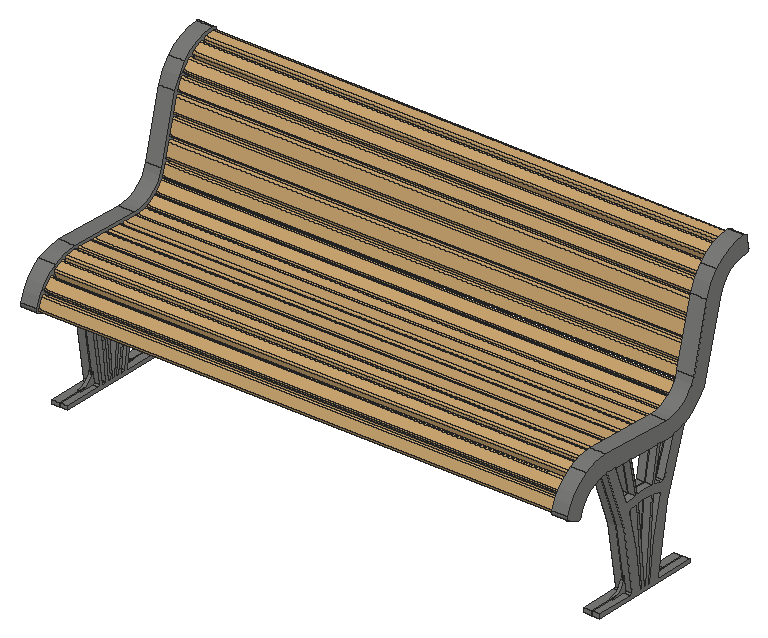
Revit family "L-FUR_벤치_DWB-171_데오스웍스", category 일반 모델, Revit 2019
Family settings
  보강 철근 호스트 가능 = 아니오
  원형 커넥터 치수 = 지름 사용
  부품 유형 = 보통
  작업 기준면 기반 = 아니오
  항상 수직 = 예
  로드될 때 보이드를 사용하여 절단 = 아니오
  공유 = 아니오
  룸 계산 점 = 아니오
Parameters
  한국산업규격KS = ""
  조달청표준공사코드-세부공종 = "2408149"
  건설정보분류체계-부위분류 = "E94335"
  LIM_INFO_주의사항 = "재배포, 재가공, 판매 금지"
  LIM_INFO_제품업체 = "예건"
  LIM_INFO_제품번호 = "YF-16"
  LIM_INFO_제품명 = "펜스_YF-16"
  LIM_INFO_제작일 = "2021.12."
  LIM_INFO_재료 = "Hardwood, STL-pipe, STL-plate"
  LIM_INFO_업체정보 = ""
  LIM_INFO_업체URL = "https://yekun.com/"
  LIM_INFO_업체TEL = "(+82)31-943-6114"
  LIM_INFO_업체EMAIL = "yekun@yekun.com"
  LIM_INFO_버전 = "2022_V01"
  LIM_INFO_기타정보 = ""
  LIM_INFO_규격 = "W2000 x H1800"
  LIM_INFO_가격 = 0
  LIM_INFO_PV_포장재여부 = yes
  LIM_INFO_PV_면적 = 0.00 m²
  KBIMS_식별-버전 = ""
  KBIMS_식별-bSK등록번호 = ""
  KBIMS_보급정보-저작자 = "림인포테크_MMJ"
  KBIMS_보급정보-보급코드 = ""
Reference planes
  plane 1 "중심(앞/뒤)": y = 0
  plane 2: z = 0
  plane 3 "중심(왼쪽/오른쪽)": x = 0
Dimensions and locks
  aligned and locked: level to plane 2
Nested families
  nested 1: "DWB-171_base" at (0, 0, 0), type "DWB-171_base"
Definition of nested family "DWB-171_base"
  Reference planes
    plane 1 "중심(앞/뒤)": y = 0
    plane 2: z = 0
    plane 3 "중심(왼쪽/오른쪽)": x = 0
  Forms (mm)
    Extrusion 1, solid, detail levels coarse+medium
      sketch origin (1700, -4049.52, 0) x (0, -1, 0) y (0, 0, 1)
        loop
          arc (-4148.649, 598.962) -> (-4118.537, 572.838) -> (-4100.894, 537.09) r 100.901
          arc (-4100.894, 537.09) -> (-4095.131, 530.05) -> (-4086.037, 529.758) r 11
          line (-4086.037, 529.758) -> (-4056.283, 542.138)
          arc (-4056.283, 542.138) -> (-4050.573, 547.575) -> (-4049.967, 555.437) r 11
          arc (-4049.967, 555.437) -> (-4077.667, 608.216) -> (-4123.247, 646.628) r 154.901
          arc (-4123.247, 646.628) -> (-4159.705, 660.713) -> (-4198.293, 666.911) r 186.983
          line (-4198.293, 666.911) -> (-4432.714, 656.849)
          arc (-4432.714, 656.849) -> (-4498.067, 676.712) -> (-4536.622, 733.095) r 103
          line (-4536.622, 733.095) -> (-4588.144, 925.38)
          arc (-4588.144, 925.38) -> (-4604.111, 960.982) -> (-4627.119, 992.496) r 186.983
          arc (-4627.119, 992.496) -> (-4676.019, 1026.581) -> (-4734.169, 1039.677) r 154.901
          arc (-4734.169, 1039.677) -> (-4741.606, 1037.057) -> (-4745.38, 1030.134) r 11
          line (-4745.38, 1030.134) -> (-4749.637, 998.19)
          arc (-4749.637, 998.19) -> (-4747.002, 989.482) -> (-4738.711, 985.737) r 11
          arc (-4738.711, 985.737) -> (-4699.714, 977.988) -> (-4666.729, 955.787) r 100.986
          arc (-4666.729, 955.787) -> (-4649.617, 931.833) -> (-4637.536, 904.987) r 149.35
          line (-4637.536, 904.987) -> (-4586.456, 714.24)
          arc (-4586.456, 714.24) -> (-4527.282, 632.44) -> (-4430.442, 603.897) r 156.254
          line (-4430.442, 603.897) -> (-4202.078, 613.7)
          arc (-4202.078, 613.7) -> (-4174.674, 608.831) -> (-4148.649, 598.962) r 149.35
      from 0 to 50
    Extrusion 2, solid, detail levels coarse+medium
      sketch origin (1700, -4049.52, 0) x (0, -1, 0) y (0, 0, 1)
        loop
          arc (-4501.067, 617.471) -> (-4432.225, 432.125) -> (-4399.413, 237.15) r 1048.193
          arc (-4399.413, 237.15) -> (-4400.739, 233.383) -> (-4404.4, 231.789) r 5
          line (-4404.4, 231.789) -> (-4523.299, 231.789) -> (-4523.299, 219.789) -> (-4173.299, 219.789) -> (-4173.299, 231.789) -> (-4292.197, 231.789)
          arc (-4292.197, 231.789) -> (-4295.858, 233.383) -> (-4297.184, 237.15) r 5
          arc (-4297.184, 237.15) -> (-4265.437, 428.116) -> (-4199.118, 609.99) r 1048.309
          arc (-4199.118, 609.99) -> (-4197.039, 612.21) -> (-4194.053, 612.815) r 5
          arc (-4194.053, 612.815) -> (-4198.059, 613.313) -> (-4202.078, 613.7) r 145.59
          line (-4202.078, 613.7) -> (-4205.168, 613.567) -> (-4223.216, 612.792) -> (-4231.089, 612.454)
          arc (-4231.089, 612.454) -> (-4255.323, 555.739) -> (-4276.258, 497.725) r 1073.101
          arc (-4276.258, 497.725) -> (-4278.769, 494.816) -> (-4282.602, 494.548) r 5
          arc (-4282.602, 494.548) -> (-4297.373, 498.066) -> (-4312.327, 500.698) r 254.748
          arc (-4312.327, 500.698) -> (-4301.674, 555.394) -> (-4289.164, 609.696) r 1635.099
          line (-4289.164, 609.696) -> (-4295.346, 609.696)
          arc (-4295.346, 609.696) -> (-4307.725, 555.785) -> (-4318.281, 501.487) r 1641.099
          arc (-4318.281, 501.487) -> (-4348.299, 503.289) -> (-4378.316, 501.487) r 251.006
          arc (-4378.316, 501.487) -> (-4388.393, 553.519) -> (-4400.145, 605.198) r 1641.099
          line (-4400.145, 605.198) -> (-4406.322, 605.198)
          arc (-4406.322, 605.198) -> (-4394.443, 553.128) -> (-4384.27, 500.698) r 1635.099
          arc (-4384.27, 500.698) -> (-4399.224, 498.066) -> (-4413.995, 494.548) r 254.748
          arc (-4413.995, 494.548) -> (-4417.828, 494.816) -> (-4420.339, 497.725) r 5
          arc (-4420.339, 497.725) -> (-4439.948, 552.353) -> (-4462.481, 605.84) r 1073.101
          arc (-4462.481, 605.84) -> (-4472.623, 607.859) -> (-4482.608, 610.545) r 156.254
          arc (-4482.608, 610.545) -> (-4491.947, 613.716) -> (-4501.067, 617.471) r 156.254
        loop
          arc (-4409.992, 464.433) -> (-4383.114, 349.234) -> (-4368.972, 231.789) r 1082.077
          line (-4368.972, 231.789) -> (-4359.299, 231.789)
          arc (-4359.299, 231.789) -> (-4365.151, 354.302) -> (-4380.097, 476.04) r 1648.451
          arc (-4380.097, 476.04) -> (-4393.222, 473.781) -> (-4406.189, 470.74) r 222.25
          arc (-4406.189, 470.74) -> (-4409.474, 468.424) -> (-4409.992, 464.433) r 5
        loop
          arc (-4327.625, 231.789) -> (-4313.483, 349.234) -> (-4286.606, 464.433) r 1082.077
          arc (-4286.606, 464.433) -> (-4287.123, 468.424) -> (-4290.408, 470.74) r 5
          arc (-4290.408, 470.74) -> (-4303.375, 473.781) -> (-4316.5, 476.04) r 222.25
          arc (-4316.5, 476.04) -> (-4331.446, 354.302) -> (-4337.298, 231.789) r 1648.451
          line (-4337.298, 231.789) -> (-4327.625, 231.789)
        loop
          arc (-4322.454, 476.806) -> (-4348.299, 478.289) -> (-4374.143, 476.806) r 226.006
          arc (-4374.143, 476.806) -> (-4359.162, 354.685) -> (-4353.299, 231.789) r 1654.461
          line (-4353.299, 231.789) -> (-4343.299, 231.789)
          arc (-4343.299, 231.789) -> (-4337.435, 354.685) -> (-4322.454, 476.806) r 1654.461
      from 0 to 50
    Extrusion 3, solid, detail levels coarse+medium
      sketch origin (1700, -4049.52, 0) x (0, -1, 0) y (0, 0, 1)
        loop
          arc (-4148.649, 598.962) -> (-4118.537, 572.838) -> (-4100.894, 537.09) r 100.901
          arc (-4100.894, 537.09) -> (-4095.131, 530.05) -> (-4086.037, 529.758) r 11
          line (-4086.037, 529.758) -> (-4056.283, 542.138)
          arc (-4056.283, 542.138) -> (-4050.573, 547.575) -> (-4049.967, 555.437) r 11
          arc (-4049.967, 555.437) -> (-4077.667, 608.216) -> (-4123.247, 646.628) r 154.901
          arc (-4123.247, 646.628) -> (-4159.705, 660.713) -> (-4198.293, 666.911) r 186.983
          line (-4198.293, 666.911) -> (-4432.714, 656.849)
          arc (-4432.714, 656.849) -> (-4498.067, 676.712) -> (-4536.622, 733.095) r 103
          line (-4536.622, 733.095) -> (-4588.144, 925.38)
          arc (-4588.144, 925.38) -> (-4604.111, 960.982) -> (-4627.119, 992.496) r 186.983
          arc (-4627.119, 992.496) -> (-4676.019, 1026.581) -> (-4734.169, 1039.677) r 154.901
          arc (-4734.169, 1039.677) -> (-4741.606, 1037.057) -> (-4745.38, 1030.134) r 11
          line (-4745.38, 1030.134) -> (-4749.637, 998.19)
          arc (-4749.637, 998.19) -> (-4747.002, 989.482) -> (-4738.711, 985.737) r 11
          arc (-4738.711, 985.737) -> (-4699.714, 977.988) -> (-4666.729, 955.787) r 100.986
          arc (-4666.729, 955.787) -> (-4649.617, 931.833) -> (-4637.536, 904.987) r 149.35
          line (-4637.536, 904.987) -> (-4586.456, 714.24)
          arc (-4586.456, 714.24) -> (-4527.282, 632.44) -> (-4430.442, 603.897) r 156.254
          line (-4430.442, 603.897) -> (-4202.078, 613.7)
          arc (-4202.078, 613.7) -> (-4174.674, 608.831) -> (-4148.649, 598.962) r 149.35
      from 1650 to 1700
    Extrusion 4, solid, detail levels coarse+medium
      sketch origin (1700, -4049.52, 0) x (0, -1, 0) y (0, 0, 1)
        loop
          arc (-4501.067, 617.471) -> (-4432.225, 432.125) -> (-4399.413, 237.15) r 1048.193
          arc (-4399.413, 237.15) -> (-4400.739, 233.383) -> (-4404.4, 231.789) r 5
          line (-4404.4, 231.789) -> (-4523.299, 231.789) -> (-4523.299, 219.789) -> (-4173.299, 219.789) -> (-4173.299, 231.789) -> (-4292.197, 231.789)
          arc (-4292.197, 231.789) -> (-4295.858, 233.383) -> (-4297.184, 237.15) r 5
          arc (-4297.184, 237.15) -> (-4265.437, 428.116) -> (-4199.118, 609.99) r 1048.309
          arc (-4199.118, 609.99) -> (-4197.039, 612.21) -> (-4194.053, 612.815) r 5
          arc (-4194.053, 612.815) -> (-4198.059, 613.313) -> (-4202.078, 613.7) r 145.59
          line (-4202.078, 613.7) -> (-4205.168, 613.567) -> (-4223.216, 612.792) -> (-4231.089, 612.454)
          arc (-4231.089, 612.454) -> (-4255.323, 555.739) -> (-4276.258, 497.725) r 1073.101
          arc (-4276.258, 497.725) -> (-4278.769, 494.816) -> (-4282.602, 494.548) r 5
          arc (-4282.602, 494.548) -> (-4297.373, 498.066) -> (-4312.327, 500.698) r 254.748
          arc (-4312.327, 500.698) -> (-4301.674, 555.394) -> (-4289.164, 609.696) r 1635.099
          line (-4289.164, 609.696) -> (-4295.346, 609.696)
          arc (-4295.346, 609.696) -> (-4307.725, 555.785) -> (-4318.281, 501.487) r 1641.099
          arc (-4318.281, 501.487) -> (-4348.299, 503.289) -> (-4378.316, 501.487) r 251.006
          arc (-4378.316, 501.487) -> (-4388.393, 553.519) -> (-4400.145, 605.198) r 1641.099
          line (-4400.145, 605.198) -> (-4406.322, 605.198)
          arc (-4406.322, 605.198) -> (-4394.443, 553.128) -> (-4384.27, 500.698) r 1635.099
          arc (-4384.27, 500.698) -> (-4399.224, 498.066) -> (-4413.995, 494.548) r 254.748
          arc (-4413.995, 494.548) -> (-4417.828, 494.816) -> (-4420.339, 497.725) r 5
          arc (-4420.339, 497.725) -> (-4439.948, 552.353) -> (-4462.481, 605.84) r 1073.101
          arc (-4462.481, 605.84) -> (-4472.623, 607.859) -> (-4482.608, 610.545) r 156.254
          arc (-4482.608, 610.545) -> (-4491.947, 613.716) -> (-4501.067, 617.471) r 156.254
        loop
          arc (-4409.992, 464.433) -> (-4383.114, 349.234) -> (-4368.972, 231.789) r 1082.077
          line (-4368.972, 231.789) -> (-4359.299, 231.789)
          arc (-4359.299, 231.789) -> (-4365.151, 354.302) -> (-4380.097, 476.04) r 1648.451
          arc (-4380.097, 476.04) -> (-4393.222, 473.781) -> (-4406.189, 470.74) r 222.25
          arc (-4406.189, 470.74) -> (-4409.474, 468.424) -> (-4409.992, 464.433) r 5
        loop
          arc (-4327.625, 231.789) -> (-4313.483, 349.234) -> (-4286.606, 464.433) r 1082.077
          arc (-4286.606, 464.433) -> (-4287.123, 468.424) -> (-4290.408, 470.74) r 5
          arc (-4290.408, 470.74) -> (-4303.375, 473.781) -> (-4316.5, 476.04) r 222.25
          arc (-4316.5, 476.04) -> (-4331.446, 354.302) -> (-4337.298, 231.789) r 1648.451
          line (-4337.298, 231.789) -> (-4327.625, 231.789)
        loop
          arc (-4322.454, 476.806) -> (-4348.299, 478.289) -> (-4374.143, 476.806) r 226.006
          arc (-4374.143, 476.806) -> (-4359.162, 354.685) -> (-4353.299, 231.789) r 1654.461
          line (-4353.299, 231.789) -> (-4343.299, 231.789)
          arc (-4343.299, 231.789) -> (-4337.435, 354.685) -> (-4322.454, 476.806) r 1654.461
      from 1650 to 1700
    Extrusion 5, solid, detail levels coarse+medium
      sketch origin (1700, -4049.52, 0) x (0, -1, 0) y (0, 0, 1)
        loop
          line (-4074.296, 583.354) -> (-4101.993, 571.829)
          arc (-4101.993, 571.829) -> (-4104.695, 569.118) -> (-4104.689, 565.292) r 5
          line (-4104.689, 565.292) -> (-4093.274, 537.86)
          arc (-4093.274, 537.86) -> (-4090.564, 535.159) -> (-4086.737, 535.165) r 5
          line (-4086.737, 535.165) -> (-4059.039, 546.691)
          arc (-4059.039, 546.691) -> (-4056.338, 549.401) -> (-4056.344, 553.228) r 5
          line (-4056.344, 553.228) -> (-4067.759, 580.659)
          arc (-4067.759, 580.659) -> (-4070.469, 583.361) -> (-4074.296, 583.354) r 5
        loop
          line (-4107.171, 621.791) -> (-4129.149, 601.372)
          arc (-4129.149, 601.372) -> (-4130.743, 597.893) -> (-4129.409, 594.306) r 5
          line (-4129.409, 594.306) -> (-4109.088, 572.432)
          arc (-4109.088, 572.432) -> (-4105.609, 570.839) -> (-4102.022, 572.172) r 5
          line (-4102.022, 572.172) -> (-4080.043, 592.591)
          arc (-4080.043, 592.591) -> (-4078.449, 596.07) -> (-4079.783, 599.657) r 5
          line (-4079.783, 599.657) -> (-4100.104, 621.531)
          arc (-4100.104, 621.531) -> (-4103.584, 623.125) -> (-4107.171, 621.791) r 5
        loop
          line (-4151.871, 646.056) -> (-4164.807, 619.145)
          arc (-4164.807, 619.145) -> (-4165.019, 615.324) -> (-4162.467, 612.472) r 5
          line (-4162.467, 612.472) -> (-4135.998, 599.748)
          arc (-4135.998, 599.748) -> (-4132.177, 599.536) -> (-4129.325, 602.088) r 5
          line (-4129.325, 602.088) -> (-4116.389, 629)
          arc (-4116.389, 629) -> (-4116.177, 632.821) -> (-4118.729, 635.672) r 5
          line (-4118.729, 635.672) -> (-4145.198, 648.396)
          arc (-4145.198, 648.396) -> (-4149.019, 648.608) -> (-4151.871, 646.056) r 5
        loop
          line (-4199.737, 655.252) -> (-4204.589, 625.647)
          arc (-4204.589, 625.647) -> (-4203.716, 621.921) -> (-4200.464, 619.904) r 5
          line (-4200.464, 619.904) -> (-4170.859, 615.052)
          arc (-4170.859, 615.052) -> (-4167.133, 615.925) -> (-4165.116, 619.177) r 5
          line (-4165.116, 619.177) -> (-4160.264, 648.782)
          arc (-4160.264, 648.782) -> (-4161.137, 652.508) -> (-4164.389, 654.525) r 5
          line (-4164.389, 654.525) -> (-4193.994, 659.377)
          arc (-4193.994, 659.377) -> (-4197.72, 658.504) -> (-4199.737, 655.252) r 5
        loop
          line (-4258.776, 652.305) -> (-4257.49, 622.332)
          arc (-4257.49, 622.332) -> (-4255.875, 618.863) -> (-4252.28, 617.551) r 5
          line (-4252.28, 617.551) -> (-4212.317, 619.267)
          arc (-4212.317, 619.267) -> (-4208.847, 620.881) -> (-4207.536, 624.476) r 5
          line (-4207.536, 624.476) -> (-4208.822, 654.449)
          arc (-4208.822, 654.449) -> (-4210.437, 657.918) -> (-4214.032, 659.23) r 5
          line (-4214.032, 659.23) -> (-4253.996, 657.514)
          arc (-4253.996, 657.514) -> (-4257.465, 655.9) -> (-4258.776, 652.305) r 5
        loop
          line (-4265.536, 621.987) -> (-4266.822, 651.959)
          arc (-4266.822, 651.959) -> (-4268.437, 655.429) -> (-4272.032, 656.74) r 5
          line (-4272.032, 656.74) -> (-4311.996, 655.025)
          arc (-4311.996, 655.025) -> (-4315.465, 653.41) -> (-4316.776, 649.815) r 5
          line (-4316.776, 649.815) -> (-4315.49, 619.843)
          arc (-4315.49, 619.843) -> (-4313.875, 616.373) -> (-4310.28, 615.062) r 5
          line (-4310.28, 615.062) -> (-4270.317, 616.777)
          arc (-4270.317, 616.777) -> (-4266.847, 618.392) -> (-4265.536, 621.987) r 5
        loop
          line (-4323.536, 619.497) -> (-4324.822, 649.47)
          arc (-4324.822, 649.47) -> (-4326.437, 652.939) -> (-4330.032, 654.251) r 5
          line (-4330.032, 654.251) -> (-4369.996, 652.535)
          arc (-4369.996, 652.535) -> (-4373.465, 650.92) -> (-4374.776, 647.325) r 5
          line (-4374.776, 647.325) -> (-4373.49, 617.353)
          arc (-4373.49, 617.353) -> (-4371.875, 613.883) -> (-4368.28, 612.572) r 5
          line (-4368.28, 612.572) -> (-4328.317, 614.287)
          arc (-4328.317, 614.287) -> (-4324.847, 615.902) -> (-4323.536, 619.497) r 5
        loop
          line (-4381.536, 617.008) -> (-4382.822, 646.98)
          arc (-4382.822, 646.98) -> (-4384.437, 650.449) -> (-4388.032, 651.761) r 5
          line (-4388.032, 651.761) -> (-4427.996, 650.046)
          arc (-4427.996, 650.046) -> (-4431.465, 648.431) -> (-4432.776, 644.836) r 5
          line (-4432.776, 644.836) -> (-4431.49, 614.863)
          arc (-4431.49, 614.863) -> (-4429.875, 611.394) -> (-4426.28, 610.082) r 5
          line (-4426.28, 610.082) -> (-4386.317, 611.798)
          arc (-4386.317, 611.798) -> (-4382.847, 613.412) -> (-4381.536, 617.008) r 5
        loop
          line (-4475.311, 649.49) -> (-4480.163, 619.885)
          arc (-4480.163, 619.885) -> (-4479.289, 616.159) -> (-4476.037, 614.142) r 5
          line (-4476.037, 614.142) -> (-4446.432, 609.29)
          arc (-4446.432, 609.29) -> (-4442.706, 610.164) -> (-4440.689, 613.416) r 5
          line (-4440.689, 613.416) -> (-4435.837, 643.021)
          arc (-4435.837, 643.021) -> (-4436.711, 646.747) -> (-4439.963, 648.764) r 5
          line (-4439.963, 648.764) -> (-4469.568, 653.616)
          arc (-4469.568, 653.616) -> (-4473.294, 652.742) -> (-4475.311, 649.49) r 5
        loop
          line (-4512.131, 670.302) -> (-4526.999, 644.245)
          arc (-4526.999, 644.245) -> (-4527.479, 640.449) -> (-4525.134, 637.424) r 5
          line (-4525.134, 637.424) -> (-4499.077, 622.557)
          arc (-4499.077, 622.557) -> (-4495.28, 622.077) -> (-4492.256, 624.422) r 5
          line (-4492.256, 624.422) -> (-4477.389, 650.479)
          arc (-4477.389, 650.479) -> (-4476.909, 654.275) -> (-4479.254, 657.299) r 5
          line (-4479.254, 657.299) -> (-4505.31, 672.167)
          arc (-4505.31, 672.167) -> (-4509.107, 672.647) -> (-4512.131, 670.302) r 5
        loop
          line (-4538.572, 702.906) -> (-4561.904, 684.048)
          arc (-4561.904, 684.048) -> (-4563.733, 680.686) -> (-4562.65, 677.016) r 5
          line (-4562.65, 677.016) -> (-4543.792, 653.684)
          arc (-4543.792, 653.684) -> (-4540.43, 651.855) -> (-4536.76, 652.938) r 5
          line (-4536.76, 652.938) -> (-4513.428, 671.796)
          arc (-4513.428, 671.796) -> (-4511.599, 675.158) -> (-4512.682, 678.828) r 5
          line (-4512.682, 678.828) -> (-4531.54, 702.16)
          arc (-4531.54, 702.16) -> (-4534.902, 703.989) -> (-4538.572, 702.906) r 5
        loop
          line (-4552.411, 744.734) -> (-4580.949, 735.481)
          arc (-4580.949, 735.481) -> (-4583.86, 732.997) -> (-4584.163, 729.182) r 5
          line (-4584.163, 729.182) -> (-4574.91, 700.645)
          arc (-4574.91, 700.645) -> (-4572.426, 697.734) -> (-4568.611, 697.431) r 5
          line (-4568.611, 697.431) -> (-4540.074, 706.684)
          arc (-4540.074, 706.684) -> (-4537.162, 709.168) -> (-4536.86, 712.983) r 5
          line (-4536.86, 712.983) -> (-4546.113, 741.52)
          arc (-4546.113, 741.52) -> (-4548.596, 744.431) -> (-4552.411, 744.734) r 5
        loop
          line (-4566.387, 800.674) -> (-4595.365, 792.909)
          arc (-4595.365, 792.909) -> (-4598.401, 790.579) -> (-4598.9, 786.785) r 5
          line (-4598.9, 786.785) -> (-4588.548, 748.148)
          arc (-4588.548, 748.148) -> (-4586.218, 745.112) -> (-4582.424, 744.613) r 5
          line (-4582.424, 744.613) -> (-4553.446, 752.377)
          arc (-4553.446, 752.377) -> (-4550.41, 754.707) -> (-4549.911, 758.501) r 5
          line (-4549.911, 758.501) -> (-4560.263, 797.138)
          arc (-4560.263, 797.138) -> (-4562.593, 800.174) -> (-4566.387, 800.674) r 5
        loop
          line (-4581.401, 856.69) -> (-4610.379, 848.925)
          arc (-4610.379, 848.925) -> (-4613.415, 846.596) -> (-4613.915, 842.802) r 5
          line (-4613.915, 842.802) -> (-4603.562, 804.165)
          arc (-4603.562, 804.165) -> (-4601.232, 801.129) -> (-4597.438, 800.629) r 5
          line (-4597.438, 800.629) -> (-4568.46, 808.394)
          arc (-4568.46, 808.394) -> (-4565.424, 810.723) -> (-4564.925, 814.517) r 5
          line (-4564.925, 814.517) -> (-4575.278, 853.154)
          arc (-4575.278, 853.154) -> (-4577.607, 856.191) -> (-4581.401, 856.69) r 5
        loop
          line (-4596.405, 912.709) -> (-4625.383, 904.945)
          arc (-4625.383, 904.945) -> (-4628.419, 902.615) -> (-4628.919, 898.821) r 5
          line (-4628.919, 898.821) -> (-4618.566, 860.184)
          arc (-4618.566, 860.184) -> (-4616.236, 857.148) -> (-4612.442, 856.648) r 5
          line (-4612.442, 856.648) -> (-4583.464, 864.413)
          arc (-4583.464, 864.413) -> (-4580.428, 866.743) -> (-4579.929, 870.537) r 5
          line (-4579.929, 870.537) -> (-4590.282, 909.174)
          arc (-4590.282, 909.174) -> (-4592.611, 912.21) -> (-4596.405, 912.709) r 5
        loop
          arc (-4641.832, 943.895) -> (-4644.452, 941.105) -> (-4644.331, 937.28) r 5
          line (-4644.331, 937.28) -> (-4632.099, 910.2)
          arc (-4632.099, 910.2) -> (-4629.309, 907.58) -> (-4625.484, 907.701) r 5
          line (-4625.484, 907.701) -> (-4598.026, 920.103)
          arc (-4598.026, 920.103) -> (-4595.407, 922.893) -> (-4595.528, 926.718) r 5
          line (-4595.528, 926.718) -> (-4607.76, 953.799)
          arc (-4607.76, 953.799) -> (-4610.55, 956.418) -> (-4614.375, 956.297) r 5
          line (-4614.375, 956.297) -> (-4641.832, 943.895)
        loop
          arc (-4667.782, 974.35) -> (-4669.509, 970.935) -> (-4668.316, 967.299) r 5
          line (-4668.316, 967.299) -> (-4648.917, 944.726)
          arc (-4648.917, 944.726) -> (-4645.503, 942.999) -> (-4641.867, 944.192) r 5
          line (-4641.867, 944.192) -> (-4619.114, 963.745)
          arc (-4619.114, 963.745) -> (-4617.387, 967.16) -> (-4618.58, 970.796) r 5
          line (-4618.58, 970.796) -> (-4637.978, 993.369)
          arc (-4637.978, 993.369) -> (-4641.393, 995.096) -> (-4645.029, 993.902) r 5
          line (-4645.029, 993.902) -> (-4667.782, 974.35)
        loop
          arc (-4703.566, 992.986) -> (-4703.925, 989.176) -> (-4701.486, 986.228) r 5
          line (-4701.486, 986.228) -> (-4675.062, 972.242)
          arc (-4675.062, 972.242) -> (-4671.253, 971.882) -> (-4668.304, 974.322) r 5
          line (-4668.304, 974.322) -> (-4654.27, 1000.837)
          arc (-4654.27, 1000.837) -> (-4653.91, 1004.647) -> (-4656.35, 1007.595) r 5
          line (-4656.35, 1007.595) -> (-4682.773, 1021.581)
          arc (-4682.773, 1021.581) -> (-4686.583, 1021.941) -> (-4689.531, 1019.501) r 5
          line (-4689.531, 1019.501) -> (-4703.566, 992.986)
        loop
          arc (-4699.941, 1022.662) -> (-4700.925, 1026.36) -> (-4704.236, 1028.279) r 5
          line (-4704.236, 1028.279) -> (-4733.687, 1032.205)
          arc (-4733.687, 1032.205) -> (-4737.385, 1031.22) -> (-4739.304, 1027.909) r 5
          line (-4739.304, 1027.909) -> (-4743.268, 998.172)
          arc (-4743.268, 998.172) -> (-4742.283, 994.474) -> (-4738.972, 992.555) r 5
          line (-4738.972, 992.555) -> (-4709.522, 988.629)
          arc (-4709.522, 988.629) -> (-4705.824, 989.614) -> (-4703.905, 992.925) r 5
          line (-4703.905, 992.925) -> (-4699.941, 1022.662)
      from 1650 to 50
    Extrusion 6, solid, detail levels coarse+medium
      sketch origin (1700, -4049.52, 0) x (0, -1, 0) y (0, 0, 1)
        loop
          arc (-4738.71, 985.737) -> (-4699.713, 977.988) -> (-4666.729, 955.787) r 100.986
          arc (-4666.729, 955.787) -> (-4649.617, 931.833) -> (-4637.536, 904.987) r 149.35
          line (-4637.536, 904.987) -> (-4586.456, 714.24)
          arc (-4586.456, 714.24) -> (-4527.282, 632.44) -> (-4430.442, 603.897) r 156.254
          line (-4430.442, 603.897) -> (-4202.078, 613.7)
          arc (-4202.078, 613.7) -> (-4174.674, 608.831) -> (-4148.649, 598.962) r 149.35
          arc (-4148.649, 598.962) -> (-4118.537, 572.838) -> (-4100.894, 537.09) r 100.901
          line (-4100.894, 537.09) -> (-4094.162, 539.012)
          arc (-4094.162, 539.012) -> (-4113.1, 577.25) -> (-4145.38, 605.156) r 107.901
          arc (-4145.38, 605.156) -> (-4172.926, 615.61) -> (-4201.944, 620.712) r 156.35
          line (-4201.944, 620.712) -> (-4430.742, 610.891)
          arc (-4430.742, 610.891) -> (-4525.285, 639.629) -> (-4581.057, 721.2) r 149
          line (-4581.057, 721.2) -> (-4630.9, 907.217)
          arc (-4630.9, 907.217) -> (-4643.543, 935.312) -> (-4661.45, 960.383) r 156.35
          arc (-4661.45, 960.383) -> (-4696.76, 984.341) -> (-4738.596, 992.737) r 107.901
          line (-4738.596, 992.737) -> (-4738.71, 985.737)
      from 875 to 825
    Extrusion 7, solid, detail levels fine
      sketch origin (1700, -4049.52, 0) x (0, -1, 0) y (0, 0, 1)
        loop
          arc (-4148.649, 598.962) -> (-4118.537, 572.838) -> (-4100.894, 537.09) r 100.901
          arc (-4100.894, 537.09) -> (-4095.131, 530.05) -> (-4086.037, 529.758) r 11
          line (-4086.037, 529.758) -> (-4056.283, 542.138)
          arc (-4056.283, 542.138) -> (-4050.573, 547.575) -> (-4049.967, 555.437) r 11
          arc (-4049.967, 555.437) -> (-4077.667, 608.216) -> (-4123.247, 646.628) r 154.901
          arc (-4123.247, 646.628) -> (-4159.705, 660.713) -> (-4198.293, 666.911) r 186.983
          line (-4198.293, 666.911) -> (-4432.714, 656.849)
          arc (-4432.714, 656.849) -> (-4498.067, 676.712) -> (-4536.622, 733.095) r 103
          line (-4536.622, 733.095) -> (-4588.144, 925.38)
          arc (-4588.144, 925.38) -> (-4604.111, 960.982) -> (-4627.119, 992.496) r 186.983
          arc (-4627.119, 992.496) -> (-4676.019, 1026.581) -> (-4734.169, 1039.677) r 154.901
          arc (-4734.169, 1039.677) -> (-4741.606, 1037.057) -> (-4745.38, 1030.134) r 11
          line (-4745.38, 1030.134) -> (-4749.637, 998.19)
          arc (-4749.637, 998.19) -> (-4747.002, 989.482) -> (-4738.711, 985.737) r 11
          arc (-4738.711, 985.737) -> (-4699.714, 977.988) -> (-4666.729, 955.787) r 100.986
          arc (-4666.729, 955.787) -> (-4649.617, 931.833) -> (-4637.536, 904.987) r 149.35
          line (-4637.536, 904.987) -> (-4586.456, 714.24)
          arc (-4586.456, 714.24) -> (-4527.282, 632.44) -> (-4430.442, 603.897) r 156.254
          line (-4430.442, 603.897) -> (-4202.078, 613.7)
          arc (-4202.078, 613.7) -> (-4174.674, 608.831) -> (-4148.649, 598.962) r 149.35
      from 0 to 50
    Extrusion 8, solid, detail levels fine
      sketch origin (1700, -4049.52, 0) x (0, -1, 0) y (0, 0, 1)
        loop
          arc (-4501.067, 617.471) -> (-4432.225, 432.125) -> (-4399.413, 237.15) r 1048.193
          arc (-4399.413, 237.15) -> (-4400.739, 233.383) -> (-4404.4, 231.789) r 5
          line (-4404.4, 231.789) -> (-4523.299, 231.789) -> (-4523.299, 219.789) -> (-4173.299, 219.789) -> (-4173.299, 231.789) -> (-4292.197, 231.789)
          arc (-4292.197, 231.789) -> (-4295.858, 233.383) -> (-4297.184, 237.15) r 5
          arc (-4297.184, 237.15) -> (-4265.437, 428.116) -> (-4199.118, 609.99) r 1048.309
          arc (-4199.118, 609.99) -> (-4197.039, 612.21) -> (-4194.053, 612.815) r 5
          arc (-4194.053, 612.815) -> (-4198.059, 613.313) -> (-4202.078, 613.7) r 145.59
          line (-4202.078, 613.7) -> (-4205.168, 613.567) -> (-4223.216, 612.792) -> (-4231.089, 612.454)
          arc (-4231.089, 612.454) -> (-4255.323, 555.739) -> (-4276.258, 497.725) r 1073.101
          arc (-4276.258, 497.725) -> (-4278.769, 494.816) -> (-4282.602, 494.548) r 5
          arc (-4282.602, 494.548) -> (-4297.373, 498.066) -> (-4312.327, 500.698) r 254.748
          arc (-4312.327, 500.698) -> (-4301.674, 555.394) -> (-4289.164, 609.696) r 1635.099
          line (-4289.164, 609.696) -> (-4295.346, 609.696)
          arc (-4295.346, 609.696) -> (-4307.725, 555.785) -> (-4318.281, 501.487) r 1641.099
          arc (-4318.281, 501.487) -> (-4348.299, 503.289) -> (-4378.316, 501.487) r 251.006
          arc (-4378.316, 501.487) -> (-4388.393, 553.519) -> (-4400.145, 605.198) r 1641.099
          line (-4400.145, 605.198) -> (-4406.322, 605.198)
          arc (-4406.322, 605.198) -> (-4394.443, 553.128) -> (-4384.27, 500.698) r 1635.099
          arc (-4384.27, 500.698) -> (-4399.224, 498.066) -> (-4413.995, 494.548) r 254.748
          arc (-4413.995, 494.548) -> (-4417.828, 494.816) -> (-4420.339, 497.725) r 5
          arc (-4420.339, 497.725) -> (-4439.948, 552.353) -> (-4462.481, 605.84) r 1073.101
          arc (-4462.481, 605.84) -> (-4472.623, 607.859) -> (-4482.608, 610.545) r 156.254
          arc (-4482.608, 610.545) -> (-4491.947, 613.716) -> (-4501.067, 617.471) r 156.254
        loop
          arc (-4409.992, 464.433) -> (-4383.114, 349.234) -> (-4368.972, 231.789) r 1082.077
          line (-4368.972, 231.789) -> (-4359.299, 231.789)
          arc (-4359.299, 231.789) -> (-4365.151, 354.302) -> (-4380.097, 476.04) r 1648.451
          arc (-4380.097, 476.04) -> (-4393.222, 473.781) -> (-4406.189, 470.74) r 222.25
          arc (-4406.189, 470.74) -> (-4409.474, 468.424) -> (-4409.992, 464.433) r 5
        loop
          arc (-4327.625, 231.789) -> (-4313.483, 349.234) -> (-4286.606, 464.433) r 1082.077
          arc (-4286.606, 464.433) -> (-4287.123, 468.424) -> (-4290.408, 470.74) r 5
          arc (-4290.408, 470.74) -> (-4303.375, 473.781) -> (-4316.5, 476.04) r 222.25
          arc (-4316.5, 476.04) -> (-4331.446, 354.302) -> (-4337.298, 231.789) r 1648.451
          line (-4337.298, 231.789) -> (-4327.625, 231.789)
        loop
          arc (-4322.454, 476.806) -> (-4348.299, 478.289) -> (-4374.143, 476.806) r 226.006
          arc (-4374.143, 476.806) -> (-4359.162, 354.685) -> (-4353.299, 231.789) r 1654.461
          line (-4353.299, 231.789) -> (-4343.299, 231.789)
          arc (-4343.299, 231.789) -> (-4337.435, 354.685) -> (-4322.454, 476.806) r 1654.461
      from 0 to 25
    Extrusion 9, solid, detail levels fine
      sketch origin (1700, -4049.52, 0) x (0, -1, 0) y (0, 0, 1)
        loop
          arc (-4292.197, 231.789) -> (-4295.858, 233.383) -> (-4297.184, 237.15) r 5
          arc (-4297.184, 237.15) -> (-4265.437, 428.116) -> (-4199.12, 609.985) r 1048.309
          arc (-4199.12, 609.985) -> (-4197.039, 612.21) -> (-4194.053, 612.815) r 5
          arc (-4194.053, 612.815) -> (-4198.059, 613.313) -> (-4202.078, 613.7) r 145.59
          line (-4202.078, 613.7) -> (-4205.168, 613.567)
          arc (-4205.168, 613.567) -> (-4272.517, 428.718) -> (-4304.384, 234.581) r 1055.261
          arc (-4304.384, 234.581) -> (-4305.33, 232.595) -> (-4307.377, 231.789) r 3
          line (-4307.377, 231.789) -> (-4317.401, 231.789)
          arc (-4317.401, 231.789) -> (-4319.594, 232.741) -> (-4320.394, 234.994) r 3
          arc (-4320.394, 234.994) -> (-4306.264, 349.845) -> (-4279.878, 462.499) r 1075.217
          arc (-4279.878, 462.499) -> (-4280.843, 470.96) -> (-4287.558, 476.196) r 11
          arc (-4287.558, 476.196) -> (-4313.327, 481.638) -> (-4339.548, 484.123) r 232.006
          arc (-4339.548, 484.123) -> (-4337.3, 490.584) -> (-4339.306, 497.123) r 11
          arc (-4339.306, 497.123) -> (-4310.887, 494.415) -> (-4282.975, 488.42) r 245.006
          arc (-4282.975, 488.42) -> (-4274.85, 489.325) -> (-4269.593, 495.586) r 11
          arc (-4269.593, 495.586) -> (-4248.138, 554.875) -> (-4223.216, 612.792) r 1066.101
          line (-4223.216, 612.792) -> (-4231.089, 612.454)
          arc (-4231.089, 612.454) -> (-4255.323, 555.739) -> (-4276.258, 497.725) r 1073.101
          arc (-4276.258, 497.725) -> (-4278.639, 494.884) -> (-4282.322, 494.463) r 5
          arc (-4282.322, 494.463) -> (-4297.229, 498.038) -> (-4312.327, 500.698) r 251.006
          arc (-4312.327, 500.698) -> (-4301.646, 555.529) -> (-4289.097, 609.964) r 1635.099
          line (-4289.097, 609.964) -> (-4295.346, 609.696)
          arc (-4295.346, 609.696) -> (-4307.725, 555.785) -> (-4318.281, 501.487) r 1641.099
          arc (-4318.281, 501.487) -> (-4348.299, 503.289) -> (-4378.316, 501.487) r 251.006
          arc (-4378.316, 501.487) -> (-4388.393, 553.519) -> (-4400.145, 605.198) r 1641.099
          line (-4400.145, 605.198) -> (-4406.258, 604.935)
          arc (-4406.258, 604.935) -> (-4394.415, 552.996) -> (-4384.27, 500.698) r 1635.099
          arc (-4384.27, 500.698) -> (-4399.224, 498.066) -> (-4413.995, 494.548) r 254.748
          arc (-4413.995, 494.548) -> (-4417.828, 494.816) -> (-4420.339, 497.725) r 5
          arc (-4420.339, 497.725) -> (-4439.948, 552.353) -> (-4462.481, 605.84) r 1073.101
          arc (-4462.481, 605.84) -> (-4466.712, 606.597) -> (-4470.92, 607.471) r 156.254
          arc (-4470.92, 607.471) -> (-4447.384, 552.148) -> (-4427.004, 495.586) r 1066.101
          arc (-4427.004, 495.586) -> (-4421.747, 489.325) -> (-4413.622, 488.42) r 11
          arc (-4413.622, 488.42) -> (-4385.71, 494.415) -> (-4357.291, 497.123) r 245.006
          arc (-4357.291, 497.123) -> (-4359.297, 490.584) -> (-4357.049, 484.123) r 11
          arc (-4357.049, 484.123) -> (-4383.27, 481.638) -> (-4409.039, 476.196) r 232.006
          arc (-4409.039, 476.196) -> (-4415.754, 470.96) -> (-4416.715, 462.486) r 11
          arc (-4416.715, 462.486) -> (-4390.33, 349.832) -> (-4376.203, 234.994) r 1075.217
          arc (-4376.203, 234.994) -> (-4377.003, 232.741) -> (-4379.196, 231.789) r 3
          line (-4379.196, 231.789) -> (-4389.22, 231.789)
          arc (-4389.22, 231.789) -> (-4391.267, 232.595) -> (-4392.213, 234.581) r 3
          arc (-4392.213, 234.581) -> (-4424.072, 428.69) -> (-4491.403, 613.513) r 1055.261
          arc (-4491.403, 613.513) -> (-4496.268, 615.411) -> (-4501.067, 617.471) r 156.254
          arc (-4501.067, 617.471) -> (-4432.225, 432.125) -> (-4399.413, 237.15) r 1048.193
          arc (-4399.413, 237.15) -> (-4400.739, 233.383) -> (-4404.4, 231.789) r 5
          line (-4404.4, 231.789) -> (-4523.299, 231.789) -> (-4523.299, 219.789) -> (-4173.299, 219.789) -> (-4173.299, 231.789) -> (-4292.197, 231.789)
        loop
          arc (-4409.992, 464.433) -> (-4383.114, 349.234) -> (-4368.972, 231.789) r 1082.077
          line (-4368.972, 231.789) -> (-4359.299, 231.789)
          arc (-4359.299, 231.789) -> (-4365.151, 354.302) -> (-4380.097, 476.04) r 1648.451
          arc (-4380.097, 476.04) -> (-4393.222, 473.781) -> (-4406.189, 470.74) r 222.25
          arc (-4406.189, 470.74) -> (-4409.474, 468.424) -> (-4409.992, 464.433) r 5
        loop
          arc (-4327.625, 231.789) -> (-4313.483, 349.234) -> (-4286.606, 464.433) r 1082.077
          arc (-4286.606, 464.433) -> (-4287.123, 468.424) -> (-4290.408, 470.74) r 5
          arc (-4290.408, 470.74) -> (-4303.375, 473.781) -> (-4316.5, 476.04) r 222.25
          arc (-4316.5, 476.04) -> (-4331.446, 354.302) -> (-4337.298, 231.789) r 1648.451
          line (-4337.298, 231.789) -> (-4327.625, 231.789)
        loop
          arc (-4322.454, 476.806) -> (-4348.299, 478.289) -> (-4374.143, 476.806) r 226.006
          arc (-4374.143, 476.806) -> (-4359.162, 354.685) -> (-4353.299, 231.789) r 1654.461
          line (-4353.299, 231.789) -> (-4343.299, 231.789)
          arc (-4343.299, 231.789) -> (-4337.435, 354.685) -> (-4322.454, 476.806) r 1654.461
      from 25 to 50
    Extrusion 10, solid, detail levels fine
      sketch origin (1700, -4049.52, 0) x (0, -1, 0) y (0, 0, 1)
        loop
          arc (-4403.657, 282.116) -> (-4414.789, 246.9) -> (-4448.49, 231.788) r 45.133
          line (-4448.49, 231.788) -> (-4404.4, 231.789)
          arc (-4404.4, 231.789) -> (-4400.739, 233.383) -> (-4399.413, 237.15) r 5
          arc (-4399.413, 237.15) -> (-4401.287, 259.656) -> (-4403.657, 282.116) r 1048.193
        loop
          arc (-4292.94, 282.116) -> (-4295.31, 259.656) -> (-4297.184, 237.15) r 1048.309
          arc (-4297.184, 237.15) -> (-4295.858, 233.383) -> (-4292.197, 231.789) r 5
          line (-4292.197, 231.789) -> (-4248.107, 231.788)
          arc (-4248.107, 231.788) -> (-4281.808, 246.9) -> (-4292.94, 282.116) r 45.133
      from 30 to 20
    Extrusion 11, solid, detail levels fine
      sketch origin (1700, -4049.52, 0) x (0, -1, 0) y (0, 0, 1)
        loop
          arc (-4148.649, 598.962) -> (-4118.537, 572.838) -> (-4100.894, 537.09) r 100.901
          arc (-4100.894, 537.09) -> (-4095.131, 530.05) -> (-4086.037, 529.758) r 11
          line (-4086.037, 529.758) -> (-4056.283, 542.138)
          arc (-4056.283, 542.138) -> (-4050.573, 547.575) -> (-4049.967, 555.437) r 11
          arc (-4049.967, 555.437) -> (-4077.667, 608.216) -> (-4123.247, 646.628) r 154.901
          arc (-4123.247, 646.628) -> (-4159.705, 660.713) -> (-4198.293, 666.911) r 186.983
          line (-4198.293, 666.911) -> (-4432.714, 656.849)
          arc (-4432.714, 656.849) -> (-4498.067, 676.712) -> (-4536.622, 733.095) r 103
          line (-4536.622, 733.095) -> (-4588.144, 925.38)
          arc (-4588.144, 925.38) -> (-4604.111, 960.982) -> (-4627.119, 992.496) r 186.983
          arc (-4627.119, 992.496) -> (-4676.019, 1026.581) -> (-4734.169, 1039.677) r 154.901
          arc (-4734.169, 1039.677) -> (-4741.606, 1037.057) -> (-4745.38, 1030.134) r 11
          line (-4745.38, 1030.134) -> (-4749.637, 998.19)
          arc (-4749.637, 998.19) -> (-4747.002, 989.482) -> (-4738.711, 985.737) r 11
          arc (-4738.711, 985.737) -> (-4699.714, 977.988) -> (-4666.729, 955.787) r 100.986
          arc (-4666.729, 955.787) -> (-4649.617, 931.833) -> (-4637.536, 904.987) r 149.35
          line (-4637.536, 904.987) -> (-4586.456, 714.24)
          arc (-4586.456, 714.24) -> (-4527.282, 632.44) -> (-4430.442, 603.897) r 156.254
          line (-4430.442, 603.897) -> (-4202.078, 613.7)
          arc (-4202.078, 613.7) -> (-4174.674, 608.831) -> (-4148.649, 598.962) r 149.35
      from 1650 to 1700
    Extrusion 12, solid, detail levels fine
      sketch origin (1700, -4049.52, 0) x (0, -1, 0) y (0, 0, 1)
        loop
          arc (-4501.067, 617.471) -> (-4432.225, 432.125) -> (-4399.413, 237.15) r 1048.193
          arc (-4399.413, 237.15) -> (-4400.739, 233.383) -> (-4404.4, 231.789) r 5
          line (-4404.4, 231.789) -> (-4523.299, 231.789) -> (-4523.299, 219.789) -> (-4173.299, 219.789) -> (-4173.299, 231.789) -> (-4292.197, 231.789)
          arc (-4292.197, 231.789) -> (-4295.858, 233.383) -> (-4297.184, 237.15) r 5
          arc (-4297.184, 237.15) -> (-4265.437, 428.116) -> (-4199.118, 609.99) r 1048.309
          arc (-4199.118, 609.99) -> (-4197.039, 612.21) -> (-4194.053, 612.815) r 5
          arc (-4194.053, 612.815) -> (-4198.059, 613.313) -> (-4202.078, 613.7) r 145.59
          line (-4202.078, 613.7) -> (-4205.168, 613.567) -> (-4223.216, 612.792) -> (-4231.089, 612.454)
          arc (-4231.089, 612.454) -> (-4255.323, 555.739) -> (-4276.258, 497.725) r 1073.101
          arc (-4276.258, 497.725) -> (-4278.769, 494.816) -> (-4282.602, 494.548) r 5
          arc (-4282.602, 494.548) -> (-4297.373, 498.066) -> (-4312.327, 500.698) r 254.748
          arc (-4312.327, 500.698) -> (-4301.674, 555.394) -> (-4289.164, 609.696) r 1635.099
          line (-4289.164, 609.696) -> (-4295.346, 609.696)
          arc (-4295.346, 609.696) -> (-4307.725, 555.785) -> (-4318.281, 501.487) r 1641.099
          arc (-4318.281, 501.487) -> (-4348.299, 503.289) -> (-4378.316, 501.487) r 251.006
          arc (-4378.316, 501.487) -> (-4388.393, 553.519) -> (-4400.145, 605.198) r 1641.099
          line (-4400.145, 605.198) -> (-4406.322, 605.198)
          arc (-4406.322, 605.198) -> (-4394.443, 553.128) -> (-4384.27, 500.698) r 1635.099
          arc (-4384.27, 500.698) -> (-4399.224, 498.066) -> (-4413.995, 494.548) r 254.748
          arc (-4413.995, 494.548) -> (-4417.828, 494.816) -> (-4420.339, 497.725) r 5
          arc (-4420.339, 497.725) -> (-4439.948, 552.353) -> (-4462.481, 605.84) r 1073.101
          arc (-4462.481, 605.84) -> (-4472.623, 607.859) -> (-4482.608, 610.545) r 156.254
          arc (-4482.608, 610.545) -> (-4491.947, 613.716) -> (-4501.067, 617.471) r 156.254
        loop
          arc (-4409.992, 464.433) -> (-4383.114, 349.234) -> (-4368.972, 231.789) r 1082.077
          line (-4368.972, 231.789) -> (-4359.299, 231.789)
          arc (-4359.299, 231.789) -> (-4365.151, 354.302) -> (-4380.097, 476.04) r 1648.451
          arc (-4380.097, 476.04) -> (-4393.222, 473.781) -> (-4406.189, 470.74) r 222.25
          arc (-4406.189, 470.74) -> (-4409.474, 468.424) -> (-4409.992, 464.433) r 5
        loop
          arc (-4327.625, 231.789) -> (-4313.483, 349.234) -> (-4286.606, 464.433) r 1082.077
          arc (-4286.606, 464.433) -> (-4287.123, 468.424) -> (-4290.408, 470.74) r 5
          arc (-4290.408, 470.74) -> (-4303.375, 473.781) -> (-4316.5, 476.04) r 222.25
          arc (-4316.5, 476.04) -> (-4331.446, 354.302) -> (-4337.298, 231.789) r 1648.451
          line (-4337.298, 231.789) -> (-4327.625, 231.789)
        loop
          arc (-4322.454, 476.806) -> (-4348.299, 478.289) -> (-4374.143, 476.806) r 226.006
          arc (-4374.143, 476.806) -> (-4359.162, 354.685) -> (-4353.299, 231.789) r 1654.461
          line (-4353.299, 231.789) -> (-4343.299, 231.789)
          arc (-4343.299, 231.789) -> (-4337.435, 354.685) -> (-4322.454, 476.806) r 1654.461
      from 1675 to 1700
    Extrusion 13, solid, detail levels fine
      sketch origin (1700, -4049.52, 0) x (0, -1, 0) y (0, 0, 1)
        loop
          arc (-4292.197, 231.789) -> (-4295.858, 233.383) -> (-4297.184, 237.15) r 5
          arc (-4297.184, 237.15) -> (-4265.437, 428.116) -> (-4199.12, 609.985) r 1048.309
          arc (-4199.12, 609.985) -> (-4197.039, 612.21) -> (-4194.053, 612.815) r 5
          arc (-4194.053, 612.815) -> (-4198.059, 613.313) -> (-4202.078, 613.7) r 145.59
          line (-4202.078, 613.7) -> (-4205.168, 613.567)
          arc (-4205.168, 613.567) -> (-4272.517, 428.718) -> (-4304.384, 234.581) r 1055.261
          arc (-4304.384, 234.581) -> (-4305.33, 232.595) -> (-4307.377, 231.789) r 3
          line (-4307.377, 231.789) -> (-4317.401, 231.789)
          arc (-4317.401, 231.789) -> (-4319.594, 232.741) -> (-4320.394, 234.994) r 3
          arc (-4320.394, 234.994) -> (-4306.264, 349.845) -> (-4279.878, 462.499) r 1075.217
          arc (-4279.878, 462.499) -> (-4280.843, 470.96) -> (-4287.558, 476.196) r 11
          arc (-4287.558, 476.196) -> (-4313.327, 481.638) -> (-4339.548, 484.123) r 232.006
          arc (-4339.548, 484.123) -> (-4337.3, 490.584) -> (-4339.306, 497.123) r 11
          arc (-4339.306, 497.123) -> (-4310.887, 494.415) -> (-4282.975, 488.42) r 245.006
          arc (-4282.975, 488.42) -> (-4274.85, 489.325) -> (-4269.593, 495.586) r 11
          arc (-4269.593, 495.586) -> (-4248.138, 554.875) -> (-4223.216, 612.792) r 1066.101
          line (-4223.216, 612.792) -> (-4231.089, 612.454)
          arc (-4231.089, 612.454) -> (-4255.323, 555.739) -> (-4276.258, 497.725) r 1073.101
          arc (-4276.258, 497.725) -> (-4278.639, 494.884) -> (-4282.322, 494.463) r 5
          arc (-4282.322, 494.463) -> (-4297.229, 498.038) -> (-4312.327, 500.698) r 251.006
          arc (-4312.327, 500.698) -> (-4301.646, 555.529) -> (-4289.097, 609.964) r 1635.099
          line (-4289.097, 609.964) -> (-4295.346, 609.696)
          arc (-4295.346, 609.696) -> (-4307.725, 555.785) -> (-4318.281, 501.487) r 1641.099
          arc (-4318.281, 501.487) -> (-4348.299, 503.289) -> (-4378.316, 501.487) r 251.006
          arc (-4378.316, 501.487) -> (-4388.393, 553.519) -> (-4400.145, 605.198) r 1641.099
          line (-4400.145, 605.198) -> (-4406.258, 604.935)
          arc (-4406.258, 604.935) -> (-4394.415, 552.996) -> (-4384.27, 500.698) r 1635.099
          arc (-4384.27, 500.698) -> (-4399.224, 498.066) -> (-4413.995, 494.548) r 254.748
          arc (-4413.995, 494.548) -> (-4417.828, 494.816) -> (-4420.339, 497.725) r 5
          arc (-4420.339, 497.725) -> (-4439.948, 552.353) -> (-4462.481, 605.84) r 1073.101
          arc (-4462.481, 605.84) -> (-4466.712, 606.597) -> (-4470.92, 607.471) r 156.254
          arc (-4470.92, 607.471) -> (-4447.384, 552.148) -> (-4427.004, 495.586) r 1066.101
          arc (-4427.004, 495.586) -> (-4421.747, 489.325) -> (-4413.622, 488.42) r 11
          arc (-4413.622, 488.42) -> (-4385.71, 494.415) -> (-4357.291, 497.123) r 245.006
          arc (-4357.291, 497.123) -> (-4359.297, 490.584) -> (-4357.049, 484.123) r 11
          arc (-4357.049, 484.123) -> (-4383.27, 481.638) -> (-4409.039, 476.196) r 232.006
          arc (-4409.039, 476.196) -> (-4415.754, 470.96) -> (-4416.715, 462.486) r 11
          arc (-4416.715, 462.486) -> (-4390.33, 349.832) -> (-4376.203, 234.994) r 1075.217
          arc (-4376.203, 234.994) -> (-4377.003, 232.741) -> (-4379.196, 231.789) r 3
          line (-4379.196, 231.789) -> (-4389.22, 231.789)
          arc (-4389.22, 231.789) -> (-4391.267, 232.595) -> (-4392.213, 234.581) r 3
          arc (-4392.213, 234.581) -> (-4424.072, 428.69) -> (-4491.403, 613.513) r 1055.261
          arc (-4491.403, 613.513) -> (-4496.268, 615.411) -> (-4501.067, 617.471) r 156.254
          arc (-4501.067, 617.471) -> (-4432.225, 432.125) -> (-4399.413, 237.15) r 1048.193
          arc (-4399.413, 237.15) -> (-4400.739, 233.383) -> (-4404.4, 231.789) r 5
          line (-4404.4, 231.789) -> (-4523.299, 231.789) -> (-4523.299, 219.789) -> (-4173.299, 219.789) -> (-4173.299, 231.789) -> (-4292.197, 231.789)
        loop
          arc (-4409.992, 464.433) -> (-4383.114, 349.234) -> (-4368.972, 231.789) r 1082.077
          line (-4368.972, 231.789) -> (-4359.299, 231.789)
          arc (-4359.299, 231.789) -> (-4365.151, 354.302) -> (-4380.097, 476.04) r 1648.451
          arc (-4380.097, 476.04) -> (-4393.222, 473.781) -> (-4406.189, 470.74) r 222.25
          arc (-4406.189, 470.74) -> (-4409.474, 468.424) -> (-4409.992, 464.433) r 5
        loop
          arc (-4327.625, 231.789) -> (-4313.483, 349.234) -> (-4286.606, 464.433) r 1082.077
          arc (-4286.606, 464.433) -> (-4287.123, 468.424) -> (-4290.408, 470.74) r 5
          arc (-4290.408, 470.74) -> (-4303.375, 473.781) -> (-4316.5, 476.04) r 222.25
          arc (-4316.5, 476.04) -> (-4331.446, 354.302) -> (-4337.298, 231.789) r 1648.451
          line (-4337.298, 231.789) -> (-4327.625, 231.789)
        loop
          arc (-4322.454, 476.806) -> (-4348.299, 478.289) -> (-4374.143, 476.806) r 226.006
          arc (-4374.143, 476.806) -> (-4359.162, 354.685) -> (-4353.299, 231.789) r 1654.461
          line (-4353.299, 231.789) -> (-4343.299, 231.789)
          arc (-4343.299, 231.789) -> (-4337.435, 354.685) -> (-4322.454, 476.806) r 1654.461
      from 1650 to 1675
    Extrusion 14, solid, detail levels fine
      sketch origin (1700, -4049.52, 0) x (0, -1, 0) y (0, 0, 1)
        loop
          arc (-4403.657, 282.116) -> (-4414.789, 246.9) -> (-4448.49, 231.788) r 45.133
          line (-4448.49, 231.788) -> (-4404.4, 231.789)
          arc (-4404.4, 231.789) -> (-4400.739, 233.383) -> (-4399.413, 237.15) r 5
          arc (-4399.413, 237.15) -> (-4401.287, 259.656) -> (-4403.657, 282.116) r 1048.193
        loop
          arc (-4292.94, 282.116) -> (-4295.31, 259.656) -> (-4297.184, 237.15) r 1048.309
          arc (-4297.184, 237.15) -> (-4295.858, 233.383) -> (-4292.197, 231.789) r 5
          line (-4292.197, 231.789) -> (-4248.107, 231.788)
          arc (-4248.107, 231.788) -> (-4281.808, 246.9) -> (-4292.94, 282.116) r 45.133
      from 1670 to 1680
    Extrusion 15, solid, detail levels fine
      sketch origin (1700, -4049.52, 0) x (0, -1, 0) y (0, 0, 1)
        loop
          line (-4074.296, 583.354) -> (-4101.993, 571.829)
          arc (-4101.993, 571.829) -> (-4104.695, 569.118) -> (-4104.689, 565.292) r 5
          line (-4104.689, 565.292) -> (-4093.274, 537.86)
          arc (-4093.274, 537.86) -> (-4090.564, 535.159) -> (-4086.737, 535.165) r 5
          line (-4086.737, 535.165) -> (-4059.039, 546.691)
          arc (-4059.039, 546.691) -> (-4056.338, 549.401) -> (-4056.344, 553.228) r 5
          line (-4056.344, 553.228) -> (-4067.759, 580.659)
          arc (-4067.759, 580.659) -> (-4070.469, 583.361) -> (-4074.296, 583.354) r 5
        loop
          line (-4107.171, 621.791) -> (-4129.149, 601.372)
          arc (-4129.149, 601.372) -> (-4130.743, 597.893) -> (-4129.409, 594.306) r 5
          line (-4129.409, 594.306) -> (-4109.088, 572.432)
          arc (-4109.088, 572.432) -> (-4105.609, 570.839) -> (-4102.022, 572.172) r 5
          line (-4102.022, 572.172) -> (-4080.043, 592.591)
          arc (-4080.043, 592.591) -> (-4078.449, 596.07) -> (-4079.783, 599.657) r 5
          line (-4079.783, 599.657) -> (-4100.104, 621.531)
          arc (-4100.104, 621.531) -> (-4103.584, 623.125) -> (-4107.171, 621.791) r 5
        loop
          line (-4151.871, 646.056) -> (-4164.807, 619.145)
          arc (-4164.807, 619.145) -> (-4165.019, 615.324) -> (-4162.467, 612.472) r 5
          line (-4162.467, 612.472) -> (-4135.998, 599.748)
          arc (-4135.998, 599.748) -> (-4132.177, 599.536) -> (-4129.325, 602.088) r 5
          line (-4129.325, 602.088) -> (-4116.389, 629)
          arc (-4116.389, 629) -> (-4116.177, 632.821) -> (-4118.729, 635.672) r 5
          line (-4118.729, 635.672) -> (-4145.198, 648.396)
          arc (-4145.198, 648.396) -> (-4149.019, 648.608) -> (-4151.871, 646.056) r 5
        loop
          line (-4199.737, 655.252) -> (-4204.589, 625.647)
          arc (-4204.589, 625.647) -> (-4203.716, 621.921) -> (-4200.464, 619.904) r 5
          line (-4200.464, 619.904) -> (-4170.859, 615.052)
          arc (-4170.859, 615.052) -> (-4167.133, 615.925) -> (-4165.116, 619.177) r 5
          line (-4165.116, 619.177) -> (-4160.264, 648.782)
          arc (-4160.264, 648.782) -> (-4161.137, 652.508) -> (-4164.389, 654.525) r 5
          line (-4164.389, 654.525) -> (-4193.994, 659.377)
          arc (-4193.994, 659.377) -> (-4197.72, 658.504) -> (-4199.737, 655.252) r 5
        loop
          line (-4258.776, 652.305) -> (-4257.49, 622.332)
          arc (-4257.49, 622.332) -> (-4255.875, 618.863) -> (-4252.28, 617.551) r 5
          line (-4252.28, 617.551) -> (-4212.317, 619.267)
          arc (-4212.317, 619.267) -> (-4208.847, 620.881) -> (-4207.536, 624.476) r 5
          line (-4207.536, 624.476) -> (-4208.822, 654.449)
          arc (-4208.822, 654.449) -> (-4210.437, 657.918) -> (-4214.032, 659.23) r 5
          line (-4214.032, 659.23) -> (-4253.996, 657.514)
          arc (-4253.996, 657.514) -> (-4257.465, 655.9) -> (-4258.776, 652.305) r 5
        loop
          line (-4265.536, 621.987) -> (-4266.822, 651.959)
          arc (-4266.822, 651.959) -> (-4268.437, 655.429) -> (-4272.032, 656.74) r 5
          line (-4272.032, 656.74) -> (-4311.996, 655.025)
          arc (-4311.996, 655.025) -> (-4315.465, 653.41) -> (-4316.776, 649.815) r 5
          line (-4316.776, 649.815) -> (-4315.49, 619.843)
          arc (-4315.49, 619.843) -> (-4313.875, 616.373) -> (-4310.28, 615.062) r 5
          line (-4310.28, 615.062) -> (-4270.317, 616.777)
          arc (-4270.317, 616.777) -> (-4266.847, 618.392) -> (-4265.536, 621.987) r 5
        loop
          line (-4323.536, 619.497) -> (-4324.822, 649.47)
          arc (-4324.822, 649.47) -> (-4326.437, 652.939) -> (-4330.032, 654.251) r 5
          line (-4330.032, 654.251) -> (-4369.996, 652.535)
          arc (-4369.996, 652.535) -> (-4373.465, 650.92) -> (-4374.776, 647.325) r 5
          line (-4374.776, 647.325) -> (-4373.49, 617.353)
          arc (-4373.49, 617.353) -> (-4371.875, 613.883) -> (-4368.28, 612.572) r 5
          line (-4368.28, 612.572) -> (-4328.317, 614.287)
          arc (-4328.317, 614.287) -> (-4324.847, 615.902) -> (-4323.536, 619.497) r 5
        loop
          line (-4381.536, 617.008) -> (-4382.822, 646.98)
          arc (-4382.822, 646.98) -> (-4384.437, 650.449) -> (-4388.032, 651.761) r 5
          line (-4388.032, 651.761) -> (-4427.996, 650.046)
          arc (-4427.996, 650.046) -> (-4431.465, 648.431) -> (-4432.776, 644.836) r 5
          line (-4432.776, 644.836) -> (-4431.49, 614.863)
          arc (-4431.49, 614.863) -> (-4429.875, 611.394) -> (-4426.28, 610.082) r 5
          line (-4426.28, 610.082) -> (-4386.317, 611.798)
          arc (-4386.317, 611.798) -> (-4382.847, 613.412) -> (-4381.536, 617.008) r 5
        loop
          line (-4475.311, 649.49) -> (-4480.163, 619.885)
          arc (-4480.163, 619.885) -> (-4479.289, 616.159) -> (-4476.037, 614.142) r 5
          line (-4476.037, 614.142) -> (-4446.432, 609.29)
          arc (-4446.432, 609.29) -> (-4442.706, 610.164) -> (-4440.689, 613.416) r 5
          line (-4440.689, 613.416) -> (-4435.837, 643.021)
          arc (-4435.837, 643.021) -> (-4436.711, 646.747) -> (-4439.963, 648.764) r 5
          line (-4439.963, 648.764) -> (-4469.568, 653.616)
          arc (-4469.568, 653.616) -> (-4473.294, 652.742) -> (-4475.311, 649.49) r 5
        loop
          line (-4512.131, 670.302) -> (-4526.999, 644.245)
          arc (-4526.999, 644.245) -> (-4527.479, 640.449) -> (-4525.134, 637.424) r 5
          line (-4525.134, 637.424) -> (-4499.077, 622.557)
          arc (-4499.077, 622.557) -> (-4495.28, 622.077) -> (-4492.256, 624.422) r 5
          line (-4492.256, 624.422) -> (-4477.389, 650.479)
          arc (-4477.389, 650.479) -> (-4476.909, 654.275) -> (-4479.254, 657.299) r 5
          line (-4479.254, 657.299) -> (-4505.31, 672.167)
          arc (-4505.31, 672.167) -> (-4509.107, 672.647) -> (-4512.131, 670.302) r 5
        loop
          line (-4538.572, 702.906) -> (-4561.904, 684.048)
          arc (-4561.904, 684.048) -> (-4563.733, 680.686) -> (-4562.65, 677.016) r 5
          line (-4562.65, 677.016) -> (-4543.792, 653.684)
          arc (-4543.792, 653.684) -> (-4540.43, 651.855) -> (-4536.76, 652.938) r 5
          line (-4536.76, 652.938) -> (-4513.428, 671.796)
          arc (-4513.428, 671.796) -> (-4511.599, 675.158) -> (-4512.682, 678.828) r 5
          line (-4512.682, 678.828) -> (-4531.54, 702.16)
          arc (-4531.54, 702.16) -> (-4534.902, 703.989) -> (-4538.572, 702.906) r 5
        loop
          line (-4552.411, 744.734) -> (-4580.949, 735.481)
          arc (-4580.949, 735.481) -> (-4583.86, 732.997) -> (-4584.163, 729.182) r 5
          line (-4584.163, 729.182) -> (-4574.91, 700.645)
          arc (-4574.91, 700.645) -> (-4572.426, 697.734) -> (-4568.611, 697.431) r 5
          line (-4568.611, 697.431) -> (-4540.074, 706.684)
          arc (-4540.074, 706.684) -> (-4537.162, 709.168) -> (-4536.86, 712.983) r 5
          line (-4536.86, 712.983) -> (-4546.113, 741.52)
          arc (-4546.113, 741.52) -> (-4548.596, 744.431) -> (-4552.411, 744.734) r 5
        loop
          line (-4566.387, 800.674) -> (-4595.365, 792.909)
          arc (-4595.365, 792.909) -> (-4598.401, 790.579) -> (-4598.9, 786.785) r 5
          line (-4598.9, 786.785) -> (-4588.548, 748.148)
          arc (-4588.548, 748.148) -> (-4586.218, 745.112) -> (-4582.424, 744.613) r 5
          line (-4582.424, 744.613) -> (-4553.446, 752.377)
          arc (-4553.446, 752.377) -> (-4550.41, 754.707) -> (-4549.911, 758.501) r 5
          line (-4549.911, 758.501) -> (-4560.263, 797.138)
          arc (-4560.263, 797.138) -> (-4562.593, 800.174) -> (-4566.387, 800.674) r 5
        loop
          line (-4581.401, 856.69) -> (-4610.379, 848.925)
          arc (-4610.379, 848.925) -> (-4613.415, 846.596) -> (-4613.915, 842.802) r 5
          line (-4613.915, 842.802) -> (-4603.562, 804.165)
          arc (-4603.562, 804.165) -> (-4601.232, 801.129) -> (-4597.438, 800.629) r 5
          line (-4597.438, 800.629) -> (-4568.46, 808.394)
          arc (-4568.46, 808.394) -> (-4565.424, 810.723) -> (-4564.925, 814.517) r 5
          line (-4564.925, 814.517) -> (-4575.278, 853.154)
          arc (-4575.278, 853.154) -> (-4577.607, 856.191) -> (-4581.401, 856.69) r 5
        loop
          line (-4596.405, 912.709) -> (-4625.383, 904.945)
          arc (-4625.383, 904.945) -> (-4628.419, 902.615) -> (-4628.919, 898.821) r 5
          line (-4628.919, 898.821) -> (-4618.566, 860.184)
          arc (-4618.566, 860.184) -> (-4616.236, 857.148) -> (-4612.442, 856.648) r 5
          line (-4612.442, 856.648) -> (-4583.464, 864.413)
          arc (-4583.464, 864.413) -> (-4580.428, 866.743) -> (-4579.929, 870.537) r 5
          line (-4579.929, 870.537) -> (-4590.282, 909.174)
          arc (-4590.282, 909.174) -> (-4592.611, 912.21) -> (-4596.405, 912.709) r 5
        loop
          arc (-4641.832, 943.895) -> (-4644.452, 941.105) -> (-4644.331, 937.28) r 5
          line (-4644.331, 937.28) -> (-4632.099, 910.2)
          arc (-4632.099, 910.2) -> (-4629.309, 907.58) -> (-4625.484, 907.701) r 5
          line (-4625.484, 907.701) -> (-4598.026, 920.103)
          arc (-4598.026, 920.103) -> (-4595.407, 922.893) -> (-4595.528, 926.718) r 5
          line (-4595.528, 926.718) -> (-4607.76, 953.799)
          arc (-4607.76, 953.799) -> (-4610.55, 956.418) -> (-4614.375, 956.297) r 5
          line (-4614.375, 956.297) -> (-4641.832, 943.895)
        loop
          arc (-4667.782, 974.35) -> (-4669.509, 970.935) -> (-4668.316, 967.299) r 5
          line (-4668.316, 967.299) -> (-4648.917, 944.726)
          arc (-4648.917, 944.726) -> (-4645.503, 942.999) -> (-4641.867, 944.192) r 5
          line (-4641.867, 944.192) -> (-4619.114, 963.745)
          arc (-4619.114, 963.745) -> (-4617.387, 967.16) -> (-4618.58, 970.796) r 5
